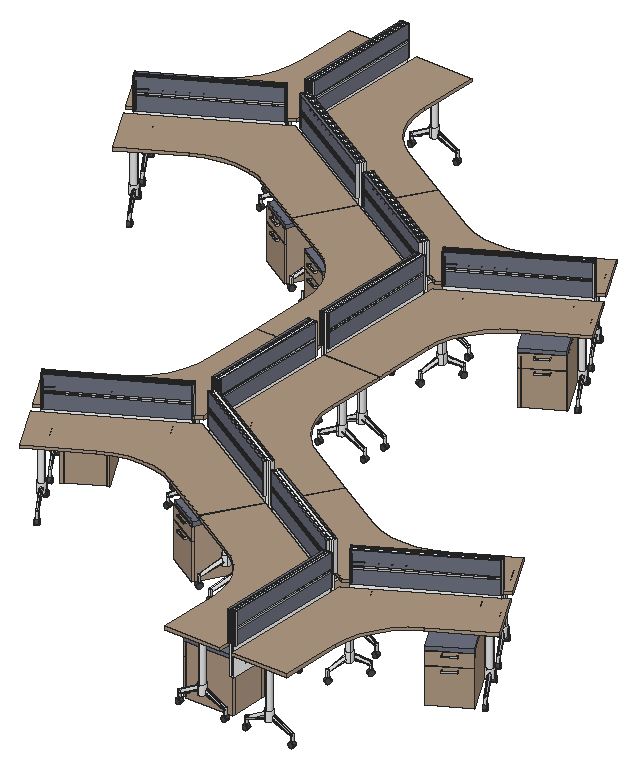
Revit family "T200028", category Furniture, Revit 2013
Parameters (values of type "T200028")
  Width = 312 3/16"
  URL = "http://www.ofsbrands.com/"
  Top Core Material = OFS BRANDS INTERMIX WORK Top Core Wood
  Tool Rail Material = OFS BRANDS INTERMIX WORK Tool Rail Metal
  Tackboard Material = OFS BRANDS INTERMIX WORK Tackboard Fabric
  Roll Material = OFS BRANDS INTERMIX WORK Roll Plastic
  Pull Material = OFS BRANDS INTERMIX WORK Pull Metal
  Model = "T200028"
  Manufacturer = "FIRST OFFICE"
  Lock Material = OFS BRANDS INTERMIX WORK Lock Metal
  Height = 42"
  Glides Material = OFS BRANDS INTERMIX WORK Glide Plastic
  Feet Material = OFS BRANDS INTERMIX WORK Feet Metal
  Drawer Front Material = OFS BRANDS INTERMIX WORK Drawer Front Wood
  Description = "OFS BRANDS FIRST OFFICE INTERMIX WORK TYPICAL T200028"
  Depth = 332 5/16"
  Cushion Material = OFS BRANDS INTERMIX WORK Cushion Fabric
  Copyright © = "© 2018 OFS BRANDS"
  Conector Material = OFS BRANDS INTERMIX WORK Conector Metal
  Conector Clip Material = OFS BRANDS INTERMIX WORK Conector Clip Metal
  Chassis Material = OFS BRANDS INTERMIX WORK Chassis Wood
  Catalog = "http://ofsbrands.com/products/open-plan/intermix-work"
  Grommet  Material = OFS BRANDS INTERMIX WORK Grommet Metal
  Back Coverage Material = OFS BRANDS INTERMIX WORK Back Coverage Plastic
  Authoring Version = "Autodesk Revit Architecture 2013"
  Assembly Code = "E2020200"
Reference planes (in)
  plane 1 "Center (Front/Back)": y = 0
  plane 2: z = 0
  plane 3 "Center (Left/Right)": x = 0
Forms (in)
  Extrusion 1, solid, material "OFS BRANDS INTERMIX WORK Drawer Front Wood" <- "Drawer Front Material"
    sketch origin (-96.06472, 136.42467, -6.96875) x (-0.866025, 0.5, 0) y (0, 0, -1)
      loop
        line (-59.97733, -27.3125) -> (-44.47733, -27.3125) -> (-44.47733, -21.96875) -> (-59.97733, -21.96875) -> (-59.97733, -27.3125)
    from -1.3075 to -0.5575
  Extrusion 2, solid, material "OFS BRANDS INTERMIX WORK Pull Metal" <- "Pull Material"
    sketch origin (-67.68266, 155.24417, -10.06825) x (-0.866025, 0.5, 0) y (-0.5, -0.866025, 0)
      loop
        line (-39.43501, 29.18171) -> (-39.68501, 29.18171) -> (-39.68501, 28.17671) -> (-34.43501, 28.17671) -> (-34.43501, 29.18171) -> (-34.68501, 29.18171) -> (-34.68501, 28.42671) -> (-39.43501, 28.42671) -> (-39.43501, 29.18171)
    from 28.9745 to 29.4745
  Extrusion 3, solid, material "OFS BRANDS INTERMIX WORK Drawer Front Wood" <- "Drawer Front Material"
    sketch origin (-96.06472, 136.42467, -12.4375) x (-0.866025, 0.5, 0) y (0, 0, -1)
      loop
        line (-59.97733, -27.3125) -> (-44.47733, -27.3125) -> (-44.47733, -13.1875) -> (-59.97733, -13.1875) -> (-59.97733, -27.3125)
    from -1.3075 to -0.5575
  Extrusion 4, solid, material "OFS BRANDS INTERMIX WORK Pull Metal" <- "Pull Material"
    sketch origin (-67.68266, 155.24417, -15.537) x (-0.866025, 0.5, 0) y (-0.5, -0.866025, 0)
      loop
        line (-39.43501, 29.18171) -> (-39.68501, 29.18171) -> (-39.68501, 28.17671) -> (-34.43501, 28.17671) -> (-34.43501, 29.18171) -> (-34.68501, 29.18171) -> (-34.68501, 28.42671) -> (-39.43501, 28.42671) -> (-39.43501, 29.18171)
    from 28.9745 to 29.4745
  Extrusion 5, solid, material "OFS BRANDS INTERMIX WORK Chassis Wood" <- "Chassis Material"
    sketch origin (-42.63641, 108.51054, 0) x (0.5, 0.866025, 0) y (0, 0, 1)
      loop
        line (-1.98233, 0.5) -> (-1.98233, 20.4375) -> (-20.73233, 20.4375) -> (-20.73233, 0.5) -> (-1.98233, 0.5)
    from -1.1875 to -0.1875
  Extrusion 6, solid, material "OFS BRANDS INTERMIX WORK Chassis Wood" <- "Chassis Material"
    sketch origin (-72.07946, 101.35336, 0) x (-0.866025, 0.5, 0) y (0, 0, -1)
      loop
        line (-7.10733, -0.5) -> (-20.73233, -0.5) -> (-20.73233, -20.4375) -> (-7.10733, -20.4375) -> (-7.10733, -0.5)
    from -1.1875 to -0.1875
  Extrusion 7, solid, material "OFS BRANDS INTERMIX WORK Chassis Wood" <- "Chassis Material"
    sketch origin (-56.49282, 116.51055, 0) x (0.5, 0.866025, 0) y (0, 0, -1)
      loop
        line (-1.98233, -0.5) -> (-20.73233, -0.5) -> (-20.73233, -20.4375) -> (-1.98233, -20.4375) -> (-1.98233, -0.5)
    from -1.1875 to -0.1875
  Extrusion 8, solid, material "OFS BRANDS INTERMIX WORK Cushion Fabric" <- "Cushion Material"
    sketch origin (-44.7605, 158.62522, 18.4375) x (0.866025, -0.5, 0) y (-0.5, -0.866025, 0)
      loop
        line (26.70937, 43.82086) -> (26.70937, 63.07086) -> (11.08437, 63.07087) -> (11.08437, 43.82087) -> (26.70937, 43.82086)
    from -3.5 to -2
  Extrusion 9, solid, material "OFS BRANDS INTERMIX WORK Roll Plastic" <- "Roll Material"
    sketch origin (-43.94606, 110.49412, 29.4745) x (0.5, 0.866025, 0) y (0, 0, -1)
      loop
        circle (-19.32729, 28.53442) r 0.94008
    from -0.75 to 0.78386
  Extrusion 10, solid, material "OFS BRANDS INTERMIX WORK Roll Plastic" <- "Roll Material"
    sketch origin (-43.94606, 110.49412, 29.4745) x (0.5, 0.866025, 0) y (0, 0, -1)
      loop
        arc (-18.30139, 28.55034) -> (-18.56665, 27.84584) -> (-19.24135, 27.51201) r 1.02602
        line (-19.24135, 27.51201) -> (-19.24135, 27.59827)
        arc (-19.24135, 27.59827) -> (-19.32729, 27.59434) -> (-19.41323, 27.59827) r 0.94008
        line (-19.41323, 27.59827) -> (-19.41323, 27.51201)
        arc (-19.41323, 27.51201) -> (-20.08257, 27.83996) -> (-20.35331, 28.53442) r 1.02602
        line (-20.35331, 28.53442) -> (-20.43925, 28.53442)
        arc (-20.43925, 28.53442) -> (-20.14338, 27.77914) -> (-19.41323, 27.42579) r 1.11196
        line (-19.41323, 27.42579) -> (-19.41323, 27.09434) -> (-19.24135, 27.09434) -> (-19.24135, 27.42579)
        arc (-19.24135, 27.42579) -> (-18.50581, 27.785) -> (-18.21545, 28.55034) r 1.11196
        line (-18.21545, 28.55034) -> (-18.30139, 28.55034)
    from -0.56728 to 0.61508
  Extrusion 11, solid, material "OFS BRANDS INTERMIX WORK Chassis Wood" <- "Chassis Material"
    sketch origin (35.01157, 146.09552, -8.30733) x (-0.866025, 0.5, 0) y (-0.5, -0.866025, 0)
      loop
        line (49.64011, 73.35589) -> (63.26511, 73.35589) -> (63.26511, 91.10589) -> (49.64011, 91.10589) -> (49.64011, 73.35589)
    from 10.6875 to 11.75
  Extrusion 12, solid, material "OFS BRANDS INTERMIX WORK Roll Plastic" <- "Roll Material"
    sketch origin (-54.12017, 116.36815, 29.4745) x (0.5, 0.866025, 0) y (0, 0, 1)
      loop
        circle (-19.32729, -28.53442) r 0.94008
    from -0.75 to 0.78386
  Extrusion 13, solid, material "OFS BRANDS INTERMIX WORK Roll Plastic" <- "Roll Material"
    sketch origin (-54.12017, 116.36815, 29.4745) x (0.5, 0.866025, 0) y (0, 0, 1)
      loop
        line (-18.30139, -28.55034) -> (-18.21545, -28.55034)
        arc (-18.21545, -28.55034) -> (-18.50581, -27.785) -> (-19.24135, -27.42579) r 1.11196
        line (-19.24135, -27.42579) -> (-19.24135, -27.09434) -> (-19.41323, -27.09434) -> (-19.41323, -27.42579)
        arc (-19.41323, -27.42579) -> (-20.14338, -27.77914) -> (-20.43925, -28.53442) r 1.11196
        line (-20.43925, -28.53442) -> (-20.35331, -28.53442)
        arc (-20.35331, -28.53442) -> (-20.08257, -27.83996) -> (-19.41323, -27.51201) r 1.02602
        line (-19.41323, -27.51201) -> (-19.41323, -27.59827)
        arc (-19.41323, -27.59827) -> (-19.32729, -27.59434) -> (-19.24135, -27.59827) r 0.94008
        line (-19.24135, -27.59827) -> (-19.24135, -27.51201)
        arc (-19.24135, -27.51201) -> (-18.56665, -27.84584) -> (-18.30139, -28.55034) r 1.02602
    from -0.56728 to 0.61508
  Extrusion 14, solid, material "OFS BRANDS INTERMIX WORK Roll Plastic" <- "Roll Material"
    sketch origin (-56.02062, 89.58038, 29.4745) x (-0.5, -0.866025, 0) y (0, 0, 1)
      loop
        circle (-19.32729, -28.53442) r 0.94008
    from -0.75 to 0.78386
  Extrusion 15, solid, material "OFS BRANDS INTERMIX WORK Roll Plastic" <- "Roll Material"
    sketch origin (-56.02062, 89.58038, 29.4745) x (-0.5, -0.866025, 0) y (0, 0, 1)
      loop
        line (-18.30139, -28.55034) -> (-18.21545, -28.55034)
        arc (-18.21545, -28.55034) -> (-18.50581, -27.785) -> (-19.24135, -27.42579) r 1.11196
        line (-19.24135, -27.42579) -> (-19.24135, -27.09434) -> (-19.41323, -27.09434) -> (-19.41323, -27.42579)
        arc (-19.41323, -27.42579) -> (-20.14338, -27.77914) -> (-20.43925, -28.53442) r 1.11196
        line (-20.43925, -28.53442) -> (-20.35331, -28.53442)
        arc (-20.35331, -28.53442) -> (-20.08257, -27.83996) -> (-19.41323, -27.51201) r 1.02602
        line (-19.41323, -27.51201) -> (-19.41323, -27.59827)
        arc (-19.41323, -27.59827) -> (-19.32729, -27.59434) -> (-19.24135, -27.59827) r 0.94008
        line (-19.24135, -27.59827) -> (-19.24135, -27.51201)
        arc (-19.24135, -27.51201) -> (-18.56665, -27.84584) -> (-18.30139, -28.55034) r 1.02602
    from -0.56728 to 0.61508
  Extrusion 16, solid, material "OFS BRANDS INTERMIX WORK Roll Plastic" <- "Roll Material"
    sketch origin (-66.19473, 95.45441, 29.4745) x (-0.5, -0.866025, 0) y (0, 0, -1)
      loop
        circle (-19.32729, 28.53442) r 0.94008
    from -0.75 to 0.78386
  Extrusion 17, solid, material "OFS BRANDS INTERMIX WORK Roll Plastic" <- "Roll Material"
    sketch origin (-66.19473, 95.45441, 29.4745) x (-0.5, -0.866025, 0) y (0, 0, -1)
      loop
        arc (-18.30139, 28.55034) -> (-18.56665, 27.84584) -> (-19.24135, 27.51201) r 1.02602
        line (-19.24135, 27.51201) -> (-19.24135, 27.59827)
        arc (-19.24135, 27.59827) -> (-19.32729, 27.59434) -> (-19.41323, 27.59827) r 0.94008
        line (-19.41323, 27.59827) -> (-19.41323, 27.51201)
        arc (-19.41323, 27.51201) -> (-20.08257, 27.83996) -> (-20.35331, 28.53442) r 1.02602
        line (-20.35331, 28.53442) -> (-20.43925, 28.53442)
        arc (-20.43925, 28.53442) -> (-20.14338, 27.77914) -> (-19.41323, 27.42579) r 1.11196
        line (-19.41323, 27.42579) -> (-19.41323, 27.09434) -> (-19.24135, 27.09434) -> (-19.24135, 27.42579)
        arc (-19.24135, 27.42579) -> (-18.50581, 27.785) -> (-18.21545, 28.55034) r 1.11196
        line (-18.21545, 28.55034) -> (-18.30139, 28.55034)
    from -0.56728 to 0.61508
  Extrusion 18, solid, material "OFS BRANDS INTERMIX WORK Roll Plastic" <- "Roll Material"
    sketch origin (-92.71721, 161.1858, 29.4745) x (-1, 0, 0) y (0, 0, -1)
      loop
        circle (-19.32729, 28.53442) r 0.94008
    from -0.75 to 0.78386
  Extrusion 19, solid, material "OFS BRANDS INTERMIX WORK Roll Plastic" <- "Roll Material"
    sketch origin (-92.71721, 161.1858, 29.4745) x (-1, 0, 0) y (0, 0, -1)
      loop
        arc (-18.30139, 28.55034) -> (-18.56665, 27.84584) -> (-19.24135, 27.51201) r 1.02602
        line (-19.24135, 27.51201) -> (-19.24135, 27.59827)
        arc (-19.24135, 27.59827) -> (-19.32729, 27.59434) -> (-19.41323, 27.59827) r 0.94008
        line (-19.41323, 27.59827) -> (-19.41323, 27.51201)
        arc (-19.41323, 27.51201) -> (-20.08257, 27.83996) -> (-20.35331, 28.53442) r 1.02602
        line (-20.35331, 28.53442) -> (-20.43925, 28.53442)
        arc (-20.43925, 28.53442) -> (-20.14338, 27.77914) -> (-19.41323, 27.42579) r 1.11196
        line (-19.41323, 27.42579) -> (-19.41323, 27.09434) -> (-19.24135, 27.09434) -> (-19.24135, 27.42579)
        arc (-19.24135, 27.42579) -> (-18.50581, 27.785) -> (-18.21545, 28.55034) r 1.11196
        line (-18.21545, 28.55034) -> (-18.30139, 28.55034)
    from -0.56728 to 0.61508
  Extrusion 20, solid, material "OFS BRANDS INTERMIX WORK Feet Metal" <- "Feet Material"
    sketch origin (-95.9349, 109.58474, 0) x (0, -1, 0) y (1, 0, 0)
      loop
        line (-54.57973, 9.4) -> (-48.57973, 9.4) -> (-48.57973, 17.4) -> (-54.57973, 17.4) -> (-54.57973, 9.4)
    from 27.6875 to 27.87542
  Extrusion 21, solid, material "OFS BRANDS INTERMIX WORK Feet Metal" <- "Feet Material"
    sketch origin (-95.9349, 109.58474, 0) x (0, -1, 0) y (1, 0, 0)
      loop
        circle (-51.57876, 13.39995) r 1.14391
    from 10.29161 to 27.6875
  Extrusion 22, solid, material "OFS BRANDS INTERMIX WORK Feet Metal" <- "Feet Material"
    sketch origin (-95.9349, 109.58474, 0) x (0, -1, 0) y (1, 0, 0)
      loop
        circle (-51.57876, 13.40165) r 1.51553
    from 6.70403 to 10.29161
  Extrusion 23, solid, material "OFS BRANDS INTERMIX WORK Feet Metal" <- "Feet Material"
    sketch origin (-95.9349, 109.58474, 0) x (0, -1, 0) y (1, 0, 0)
      loop
        circle (-51.57715, 22.59884) r 0.43
    from 2.38016 to 4.82597
  SweptBlend 24, solid, material "OFS BRANDS INTERMIX WORK Feet Metal" <- "Feet Material"
    path origin (-95.9349, 109.58474, 0) x (-1, 0, 0) y (0, 0, -1)
      loop
        line (-13.40165, -7.14826) -> (-22.60845, -3.84119)
    profile origin (-82.53325, 109.58475, 7.14826) x (0.338052, 0, 0.941127) y (0, -1, 0)
      loop
        arc (2.62281, -51.51844) -> (2.58268, -51.39722) -> (2.47816, -51.32389) r 0.20315
        line (2.47816, -51.32389) -> (1.22742, -50.94783)
        arc (1.22742, -50.94783) -> (0.97866, -50.92516) -> (0.7409, -51.00171) r 0.625
        line (0.7409, -51.00171) -> (0.41893, -51.18293)
        arc (0.41893, -51.18293) -> (0.37961, -51.2216) -> (0.36519, -51.27484) r 0.10547
        line (0.36519, -51.27484) -> (0.36519, -51.8808)
        arc (0.36519, -51.8808) -> (0.37972, -51.93444) -> (0.41933, -51.97341) r 0.10627
        line (0.41933, -51.97341) -> (0.74123, -52.15459)
        arc (0.74123, -52.15459) -> (0.97865, -52.23103) -> (1.22705, -52.20839) r 0.6241
        line (1.22705, -52.20839) -> (2.47817, -51.8322)
        arc (2.47817, -51.8322) -> (2.58269, -51.75888) -> (2.62281, -51.63768) r 0.20313
        line (2.62281, -51.63768) -> (2.62281, -51.51844)
    end profile origin (-73.32645, 109.58475, 3.84119) x (0.338052, 0, 0.941127) y (0, -1, 0)
      loop
        arc (0.00296, -51.97173) -> (0.47961, -51.92362) -> (0.93193, -51.76575) r 2.04165
        arc (0.93193, -51.76575) -> (1.04882, -51.57876) -> (0.93193, -51.39177) r 0.20801
        arc (0.93193, -51.39177) -> (0.47961, -51.2339) -> (0.00296, -51.18579) r 2.04165
        arc (0.00296, -51.18579) -> (-0.12974, -51.57876) -> (0.00296, -51.97173) r 0.64824
  Extrusion 25, solid, material "OFS BRANDS INTERMIX WORK Roll Plastic" <- "Roll Material"
    sketch origin (-72.35261, 161.1858, 29.4745) x (1, 0, 0) y (0, 0, 1)
      loop
        circle (-19.32729, -28.53442) r 0.94008
    from -0.75 to 0.78386
  Extrusion 26, solid, material "OFS BRANDS INTERMIX WORK Roll Plastic" <- "Roll Material"
    sketch origin (-72.35261, 161.1858, 29.4745) x (1, 0, 0) y (0, 0, 1)
      loop
        line (-18.30139, -28.55034) -> (-18.21545, -28.55034)
        arc (-18.21545, -28.55034) -> (-18.50581, -27.785) -> (-19.24135, -27.42579) r 1.11196
        line (-19.24135, -27.42579) -> (-19.24135, -27.09434) -> (-19.41323, -27.09434) -> (-19.41323, -27.42579)
        arc (-19.41323, -27.42579) -> (-20.14338, -27.77914) -> (-20.43925, -28.53442) r 1.11196
        line (-20.43925, -28.53442) -> (-20.35331, -28.53442)
        arc (-20.35331, -28.53442) -> (-20.08257, -27.83996) -> (-19.41323, -27.51201) r 1.02602
        line (-19.41323, -27.51201) -> (-19.41323, -27.59827)
        arc (-19.41323, -27.59827) -> (-19.32729, -27.59434) -> (-19.24135, -27.59827) r 0.94008
        line (-19.24135, -27.59827) -> (-19.24135, -27.51201)
        arc (-19.24135, -27.51201) -> (-18.56665, -27.84584) -> (-18.30139, -28.55034) r 1.02602
    from -0.56728 to 0.61508
  Extrusion 27, solid, material "OFS BRANDS INTERMIX WORK Feet Metal" <- "Feet Material"
    sketch origin (-69.1349, 109.58475, 0) x (0, -1, 0) y (1, 0, 0)
      loop
        circle (-51.57715, -22.59884) r 0.43
    from 2.38016 to 4.82597
  SweptBlend 28, solid, material "OFS BRANDS INTERMIX WORK Feet Metal" <- "Feet Material"
    path origin (-69.1349, 109.58475, 0) x (1, 0, 0) y (0, 0, 1)
      loop
        line (-13.40165, 7.14826) -> (-22.60845, 3.84119)
    profile origin (-82.53655, 109.58475, 7.14826) x (0.338052, 0, -0.941127) y (0, -1, 0)
      loop
        line (-2.62281, -51.51844) -> (-2.62281, -51.63768)
        arc (-2.62281, -51.63768) -> (-2.58269, -51.75888) -> (-2.47817, -51.8322) r 0.20313
        line (-2.47817, -51.8322) -> (-1.22705, -52.20839)
        arc (-1.22705, -52.20839) -> (-0.97865, -52.23103) -> (-0.74123, -52.15459) r 0.6241
        line (-0.74123, -52.15459) -> (-0.41933, -51.97341)
        arc (-0.41933, -51.97341) -> (-0.37972, -51.93444) -> (-0.36519, -51.8808) r 0.10627
        line (-0.36519, -51.8808) -> (-0.36519, -51.27484)
        arc (-0.36519, -51.27484) -> (-0.37961, -51.2216) -> (-0.41893, -51.18293) r 0.10547
        line (-0.41893, -51.18293) -> (-0.7409, -51.00171)
        arc (-0.7409, -51.00171) -> (-0.97866, -50.92516) -> (-1.22742, -50.94783) r 0.625
        line (-1.22742, -50.94783) -> (-2.47816, -51.32389)
        arc (-2.47816, -51.32389) -> (-2.58268, -51.39722) -> (-2.62281, -51.51844) r 0.20315
    end profile origin (-91.74335, 109.58475, 3.84119) x (0.338052, 0, -0.941127) y (0, -1, 0)
      loop
        arc (-0.00296, -51.97173) -> (0.12974, -51.57876) -> (-0.00296, -51.18579) r 0.64824
        arc (-0.00296, -51.18579) -> (-0.47961, -51.2339) -> (-0.93193, -51.39177) r 2.04165
        arc (-0.93193, -51.39177) -> (-1.04882, -51.57876) -> (-0.93193, -51.76575) r 0.20801
        arc (-0.93193, -51.76575) -> (-0.47961, -51.92362) -> (-0.00296, -51.97173) r 2.04165
  Extrusion 29, solid, material "OFS BRANDS INTERMIX WORK Top Core Wood" <- "Top Core Material"
    sketch origin (29.57403, 90.50173, 0) x (0.5, 0.866025, 0) y (-0.866025, 0.5, 0)
      loop
        line (3.97134, 144.44683) -> (-42.79403, 117.44683) -> (-42.79403, 63.44684) -> (-20.79403, 63.44684) -> (-20.79403, 87.42463)
        arc (-20.79403, 87.42463) -> (-16.7855, 102.41798) -> (-5.81327, 113.39428) r 29.96155
        line (-5.81327, 113.39428) -> (14.97134, 125.39429) -> (3.97134, 144.44683)
    from 27.87542 to 29.00005
  Extrusion 30, solid, material "OFS BRANDS INTERMIX WORK Feet Metal" <- "Feet Material"
    sketch origin (-124.5761, 78.76989, 0) x (-0.866026, -0.5, 0) y (0.5, -0.866026, 0)
      loop
        line (-54.57973, -9.4) -> (-54.57973, -17.4) -> (-48.57973, -17.4) -> (-48.57973, -9.4) -> (-54.57973, -9.4)
    from 27.6875 to 27.87542
  Extrusion 31, solid, material "OFS BRANDS INTERMIX WORK Feet Metal" <- "Feet Material"
    sketch origin (-124.5761, 78.76989, 0) x (-0.866026, -0.5, 0) y (0.5, -0.866026, 0)
      loop
        circle (-51.57876, -13.39995) r 1.14391
    from 10.29161 to 27.6875
  Extrusion 32, solid, material "OFS BRANDS INTERMIX WORK Feet Metal" <- "Feet Material"
    sketch origin (-124.5761, 78.76989, 0) x (-0.866026, -0.5, 0) y (0.5, -0.866026, 0)
      loop
        circle (-51.57876, -13.40165) r 1.51553
    from 6.70403 to 10.29161
  Extrusion 33, solid, material "OFS BRANDS INTERMIX WORK Roll Plastic" <- "Roll Material"
    sketch origin (-92.64907, 126.67279, 29.4745) x (-0.5, 0.866026, 0) y (0, 0, -1)
      loop
        circle (-19.32729, 28.53442) r 0.94008
    from -0.75 to 0.78386
  Extrusion 34, solid, material "OFS BRANDS INTERMIX WORK Roll Plastic" <- "Roll Material"
    sketch origin (-92.64907, 126.67279, 29.4745) x (-0.5, 0.866026, 0) y (0, 0, -1)
      loop
        arc (-18.30139, 28.55034) -> (-18.56665, 27.84584) -> (-19.24135, 27.51201) r 1.02602
        line (-19.24135, 27.51201) -> (-19.24135, 27.59827)
        arc (-19.24135, 27.59827) -> (-19.32729, 27.59434) -> (-19.41323, 27.59827) r 0.94008
        line (-19.41323, 27.59827) -> (-19.41323, 27.51201)
        arc (-19.41323, 27.51201) -> (-20.08257, 27.83996) -> (-20.35331, 28.53442) r 1.02602
        line (-20.35331, 28.53442) -> (-20.43925, 28.53442)
        arc (-20.43925, 28.53442) -> (-20.14338, 27.77914) -> (-19.41323, 27.42579) r 1.11196
        line (-19.41323, 27.42579) -> (-19.41323, 27.09434) -> (-19.24135, 27.09434) -> (-19.24135, 27.42579)
        arc (-19.24135, 27.42579) -> (-18.50581, 27.785) -> (-18.21545, 28.55034) r 1.11196
        line (-18.21545, 28.55034) -> (-18.30139, 28.55034)
    from -0.56728 to 0.61508
  Extrusion 35, solid, material "OFS BRANDS INTERMIX WORK Feet Metal" <- "Feet Material"
    sketch origin (-138.94576, 103.6589, 0) x (-0.866026, -0.5, 0) y (0.5, -0.866026, 0)
      loop
        circle (-51.57715, 22.59884) r 0.43
    from 2.38016 to 4.9582
  SweptBlend 36, solid, material "OFS BRANDS INTERMIX WORK Feet Metal" <- "Feet Material"
    path origin (-137.97609, 101.97938, 0) x (-0.5, 0.866026, 0) y (0, 0, -1)
      loop
        line (-13.15165, -7.14826) -> (-20.5899, -3.99092)
    profile origin (-131.40027, 90.58971, 7.14826) x (0.195365, -0.338383, 0.920505) y (-0.866026, -0.5, 0)
      loop
        arc (2.62281, -51.51844) -> (2.58268, -51.39722) -> (2.47816, -51.32389) r 0.20315
        line (2.47816, -51.32389) -> (1.22742, -50.94783)
        arc (1.22742, -50.94783) -> (0.97866, -50.92516) -> (0.7409, -51.00171) r 0.625
        line (0.7409, -51.00171) -> (0.41893, -51.18293)
        arc (0.41893, -51.18293) -> (0.37961, -51.2216) -> (0.36519, -51.27484) r 0.10547
        line (0.36519, -51.27484) -> (0.36519, -51.8808)
        arc (0.36519, -51.8808) -> (0.37972, -51.93444) -> (0.41933, -51.97341) r 0.10627
        line (0.41933, -51.97341) -> (0.74123, -52.15459)
        arc (0.74123, -52.15459) -> (0.97865, -52.23103) -> (1.22705, -52.20839) r 0.6241
        line (1.22705, -52.20839) -> (2.47817, -51.8322)
        arc (2.47817, -51.8322) -> (2.58269, -51.75888) -> (2.62281, -51.63768) r 0.20313
        line (2.62281, -51.63768) -> (2.62281, -51.51844)
    end profile origin (-127.68115, 84.148, 3.99092) x (0.195365, -0.338383, 0.920505) y (-0.866026, -0.5, 0)
      loop
        arc (0.00296, -51.97173) -> (0.47961, -51.92362) -> (0.93193, -51.76575) r 2.04165
        arc (0.93193, -51.76575) -> (1.04882, -51.57876) -> (0.93193, -51.39177) r 0.20801
        arc (0.93193, -51.39177) -> (0.47961, -51.2339) -> (0.00296, -51.18579) r 2.04165
        arc (0.00296, -51.18579) -> (-0.12974, -51.57876) -> (0.00296, -51.97173) r 0.64824
  Extrusion 37, solid, material "OFS BRANDS INTERMIX WORK Roll Plastic" <- "Roll Material"
    sketch origin (-80.52744, 105.67749, 29.4745) x (0.5, -0.866026, 0) y (0, 0, 1)
      loop
        circle (-19.32729, -28.53442) r 0.94008
    from -0.75 to 0.78386
  Extrusion 38, solid, material "OFS BRANDS INTERMIX WORK Roll Plastic" <- "Roll Material"
    sketch origin (-80.52744, 105.67749, 29.4745) x (0.5, -0.866026, 0) y (0, 0, 1)
      loop
        line (-18.30139, -28.55034) -> (-18.21545, -28.55034)
        arc (-18.21545, -28.55034) -> (-18.50581, -27.785) -> (-19.24135, -27.42579) r 1.11196
        line (-19.24135, -27.42579) -> (-19.24135, -27.09434) -> (-19.41323, -27.09434) -> (-19.41323, -27.42579)
        arc (-19.41323, -27.42579) -> (-20.14338, -27.77914) -> (-20.43925, -28.53442) r 1.11196
        line (-20.43925, -28.53442) -> (-20.35331, -28.53442)
        arc (-20.35331, -28.53442) -> (-20.08257, -27.83996) -> (-19.41323, -27.51201) r 1.02602
        line (-19.41323, -27.51201) -> (-19.41323, -27.59827)
        arc (-19.41323, -27.59827) -> (-19.32729, -27.59434) -> (-19.24135, -27.59827) r 0.94008
        line (-19.24135, -27.59827) -> (-19.24135, -27.51201)
        arc (-19.24135, -27.51201) -> (-18.56665, -27.84584) -> (-18.30139, -28.55034) r 1.02602
    from -0.56728 to 0.61508
  Extrusion 39, solid, material "OFS BRANDS INTERMIX WORK Feet Metal" <- "Feet Material"
    sketch origin (-123.60643, 77.09037, 0) x (-0.866026, -0.5, 0) y (0.5, -0.866026, 0)
      loop
        circle (-51.57715, -22.59884) r 0.43
    from 2.38016 to 4.9582
  SweptBlend 40, solid, material "OFS BRANDS INTERMIX WORK Feet Metal" <- "Feet Material"
    path origin (-124.5761, 78.76989, 0) x (0.5, -0.866026, 0) y (0, 0, 1)
      loop
        line (-13.15165, 7.14826) -> (-20.5899, 3.99092)
    profile origin (-131.15192, 90.15956, 7.14826) x (0.195365, -0.338383, -0.920505) y (-0.866026, -0.5, 0)
      loop
        line (-2.62281, -51.51844) -> (-2.62281, -51.63768)
        arc (-2.62281, -51.63768) -> (-2.58269, -51.75888) -> (-2.47817, -51.8322) r 0.20313
        line (-2.47817, -51.8322) -> (-1.22705, -52.20839)
        arc (-1.22705, -52.20839) -> (-0.97865, -52.23103) -> (-0.74123, -52.15459) r 0.6241
        line (-0.74123, -52.15459) -> (-0.41933, -51.97341)
        arc (-0.41933, -51.97341) -> (-0.37972, -51.93444) -> (-0.36519, -51.8808) r 0.10627
        line (-0.36519, -51.8808) -> (-0.36519, -51.27484)
        arc (-0.36519, -51.27484) -> (-0.37961, -51.2216) -> (-0.41893, -51.18293) r 0.10547
        line (-0.41893, -51.18293) -> (-0.7409, -51.00171)
        arc (-0.7409, -51.00171) -> (-0.97866, -50.92516) -> (-1.22742, -50.94783) r 0.625
        line (-1.22742, -50.94783) -> (-2.47816, -51.32389)
        arc (-2.47816, -51.32389) -> (-2.58268, -51.39722) -> (-2.62281, -51.51844) r 0.20315
    end profile origin (-134.87104, 96.60127, 3.99092) x (0.195365, -0.338383, -0.920505) y (-0.866026, -0.5, 0)
      loop
        arc (-0.00296, -51.97173) -> (0.12974, -51.57876) -> (-0.00296, -51.18579) r 0.64824
        arc (-0.00296, -51.18579) -> (-0.47961, -51.2339) -> (-0.93193, -51.39177) r 2.04165
        arc (-0.93193, -51.39177) -> (-1.04882, -51.57876) -> (-0.93193, -51.76575) r 0.20801
        arc (-0.93193, -51.76575) -> (-0.47961, -51.92362) -> (-0.00296, -51.97173) r 2.04165
  Extrusion 41, solid, material "OFS BRANDS INTERMIX WORK Back Coverage Plastic" <- "Back Coverage Material"
    sketch origin (-96.00892, 136.15734, 29.4745) x (-0.000008, -1, 0) y (0, 0, 1)
      loop
        line (20.99537, -11.2245) -> (20.99537, 12.5255) -> (-27.00463, 12.5255) -> (-27.00463, -11.2245) -> (20.99537, -11.2245)
    from -0.9375 to -0.1875
  Extrusion 42, solid, material "OFS BRANDS INTERMIX WORK Tackboard Fabric" <- "Tackboard Material"
    sketch origin (-94.97567, 136.15733, 29.4745) x (-0.000008, -1, 0) y (0, 0, 1)
      loop
        line (21.02662, 6.99425) -> (21.02662, 12.5255) -> (-27.03588, 12.5255) -> (-27.03588, 6.99425) -> (21.02662, 6.99425)
    from -0.66085 to 0.03085
  Extrusion 43, solid, material "OFS BRANDS INTERMIX WORK Tackboard Fabric" <- "Tackboard Material"
    sketch origin (-94.97567, 136.15733, 22.69325) x (-0.000008, -1, 0) y (0, 0, 1)
      loop
        line (20.68752, 6.99425) -> (20.68752, 12.5255) -> (-27.03588, 12.5255) -> (-27.03588, 6.99425) -> (20.68752, 6.99425)
    from -0.66085 to 0.03085
  Extrusion 44, solid, material "OFS BRANDS INTERMIX WORK Conector Metal" <- "Conector Material"
    sketch origin (-96.54025, 111.11999, 0) x (0.000008, 1, 0) y (-1, 0.000008, 0)
      loop
        line (51.73413, -2.29012) -> (52.10913, -2.29011) -> (52.10913, -1.46862) -> (51.35913, -1.46862) -> (51.35913, -1.50452) -> (52.07323, -1.50452) -> (52.07323, -2.25422) -> (51.73413, -2.25422) -> (51.73413, -2.29012)
    from 29.74775 to 41.93975
  Extrusion 45, solid, material "OFS BRANDS INTERMIX WORK Tool Rail Metal" <- "Tool Rail Material"
    sketch origin (-96.54025, 111.11999, 0) x (-1, 0.000008, 0) y (0, 0, 1)
      loop
        line (-1.53351, 35.21875) -> (-1.53351, 34.46875) -> (-1.46862, 34.46875) -> (-1.46862, 35.29875) -> (-2.15611, 35.29875) -> (-2.15612, 35.70367) -> (-2.04082, 35.70367) -> (-1.85742, 35.59348) -> (-1.70638, 35.84486) -> (-1.85625, 36.09427) -> (-2.04176, 35.9828) -> (-2.15612, 35.9828) -> (-2.15612, 36.38875) -> (-1.46862, 36.38875) -> (-1.46862, 37.21875) -> (-1.53351, 37.21875) -> (-1.53351, 36.46875) -> (-2.23612, 36.46875) -> (-2.23612, 35.9028) -> (-2.01958, 35.9028) -> (-1.88459, 35.98391) -> (-1.80037, 35.84375) -> (-1.88459, 35.70359) -> (-2.01958, 35.78469) -> (-2.23612, 35.78469) -> (-2.23612, 35.21875) -> (-1.53351, 35.21875)
    from 4.01073 to 52.07323
  Extrusion 46, solid, material "OFS BRANDS INTERMIX WORK Conector Metal" <- "Conector Material"
    sketch origin (-96.53978, 167.20395, 0) x (-0.000008, -1, 0) y (1, -0.000008, 0)
      loop
        line (51.73413, 2.29012) -> (51.73413, 2.25422) -> (52.07323, 2.25422) -> (52.07323, 1.50452) -> (51.35913, 1.50452) -> (51.35913, 1.46862) -> (52.10913, 1.46862) -> (52.10913, 2.29011) -> (51.73413, 2.29012)
    from 29.74775 to 41.93975
  Extrusion 47, solid, material "OFS BRANDS INTERMIX WORK Conector Clip Metal" <- "Conector Clip Material"
    sketch origin (-96.0087, 163.16197, 57.662) x (0, 0, -1) y (-1, 0.000008, 0)
      loop
        line (29.787, -2.37745) -> (29.787, -10.34879) -> (29.9745, -10.34879) -> (29.9745, -2.46068) -> (31.27888, -1.1563) -> (36.66201, -1.1563) -> (36.66201, -0.9375) -> (31.22695, -0.9375) -> (29.787, -2.37745)
    from -7.1875 to -5.8125
  Extrusion 48, solid, material "OFS BRANDS INTERMIX WORK Conector Clip Metal" <- "Conector Clip Material"
    sketch origin (-96.0087, 163.16197, 57.662) x (0, 0, -1) y (-1, 0.000008, 0)
      loop
        line (35.87689, -1.1563) -> (30.037, -10.49716) -> (30.037, -11.86776) -> (36.66201, -1.1563) -> (35.87689, -1.1563)
    from -6.59375 to -6.40625
  Extrusion 49, solid, material "OFS BRANDS INTERMIX WORK Conector Clip Metal" <- "Conector Clip Material"
    sketch origin (-96.00899, 128.16197, 57.662) x (0, 0, -1) y (-1, 0.000008, 0)
      loop
        line (29.787, -2.37745) -> (29.787, -10.34879) -> (29.9745, -10.34879) -> (29.9745, -2.46068) -> (31.27888, -1.1563) -> (36.66201, -1.1563) -> (36.66201, -0.9375) -> (31.22695, -0.9375) -> (29.787, -2.37745)
    from -7.1875 to -5.8125
  Extrusion 50, solid, material "OFS BRANDS INTERMIX WORK Conector Clip Metal" <- "Conector Clip Material"
    sketch origin (-96.00899, 128.16197, 57.662) x (0, 0, -1) y (-1, 0.000008, 0)
      loop
        line (35.87689, -1.1563) -> (30.037, -10.49716) -> (30.037, -11.86776) -> (36.66201, -1.1563) -> (35.87689, -1.1563)
    from -6.59375 to -6.40625
  Extrusion 51, solid, material "OFS BRANDS INTERMIX WORK Back Coverage Plastic" <- "Back Coverage Material"
    sketch origin (-73.9935, 98.02549, 29.4745) x (-0.866029, 0.499993, 0) y (0, 0, -1)
      loop
        line (20.99537, 11.2245) -> (-27.00463, 11.2245) -> (-27.00463, -12.5255) -> (20.99537, -12.5255) -> (20.99537, 11.2245)
    from -0.9375 to -0.1875
  Extrusion 52, solid, material "OFS BRANDS INTERMIX WORK Tackboard Fabric" <- "Tackboard Material"
    sketch origin (-73.47688, 98.92031, 29.4745) x (-0.866029, 0.499993, 0) y (0, 0, -1)
      loop
        line (21.02662, -6.99425) -> (-27.03588, -6.99425) -> (-27.03588, -12.5255) -> (21.02662, -12.5255) -> (21.02662, -6.99425)
    from -0.66085 to 0.03085
  Extrusion 53, solid, material "OFS BRANDS INTERMIX WORK Tackboard Fabric" <- "Tackboard Material"
    sketch origin (-73.47688, 98.92031, 22.69325) x (-0.866029, 0.499993, 0) y (0, 0, -1)
      loop
        line (20.68752, -6.99425) -> (-27.03588, -6.99425) -> (-27.03588, -12.5255) -> (20.68752, -12.5255) -> (20.68752, -6.99425)
    from -0.66085 to 0.03085
  Extrusion 54, solid, material "OFS BRANDS INTERMIX WORK Conector Metal" <- "Conector Material"
    sketch origin (-95.94213, 110.08403, 0) x (0.866029, -0.499993, 0) y (0.499993, 0.866029, 0)
      loop
        line (51.73413, 2.29012) -> (51.73413, 2.25422) -> (52.07323, 2.25422) -> (52.07323, 1.50452) -> (51.35913, 1.50452) -> (51.35913, 1.46862) -> (52.10913, 1.46862) -> (52.10913, 2.29011) -> (51.73413, 2.29012)
    from 29.74775 to 41.93975
  Extrusion 55, solid, material "OFS BRANDS INTERMIX WORK Tool Rail Metal" <- "Tool Rail Material"
    sketch origin (-95.94213, 110.08403, 0) x (-0.499993, -0.866029, 0) y (0, 0, -1)
      loop
        line (-1.53351, -35.21875) -> (-2.23612, -35.21875) -> (-2.23612, -35.78469) -> (-2.01958, -35.78469) -> (-1.88459, -35.70359) -> (-1.80037, -35.84375) -> (-1.88459, -35.98391) -> (-2.01958, -35.9028) -> (-2.23612, -35.9028) -> (-2.23612, -36.46875) -> (-1.53351, -36.46875) -> (-1.53351, -37.21875) -> (-1.46862, -37.21875) -> (-1.46862, -36.38875) -> (-2.15612, -36.38875) -> (-2.15612, -35.9828) -> (-2.04176, -35.9828) -> (-1.85625, -36.09427) -> (-1.70638, -35.84486) -> (-1.85742, -35.59348) -> (-2.04082, -35.70367) -> (-2.15612, -35.70367) -> (-2.15611, -35.29875) -> (-1.46862, -35.29875) -> (-1.46862, -34.46875) -> (-1.53351, -34.46875) -> (-1.53351, -35.21875)
    from 4.01073 to 52.07323
  Extrusion 56, solid, material "OFS BRANDS INTERMIX WORK Conector Metal" <- "Conector Material"
    sketch origin (-47.37178, 82.04244, 0) x (-0.866029, 0.499993, 0) y (-0.499993, -0.866029, 0)
      loop
        line (51.73413, -2.29012) -> (52.10913, -2.29011) -> (52.10913, -1.46862) -> (51.35913, -1.46862) -> (51.35913, -1.50452) -> (52.07323, -1.50452) -> (52.07323, -2.25422) -> (51.73413, -2.25422) -> (51.73413, -2.29012)
    from 29.74775 to 41.93975
  Extrusion 57, solid, material "OFS BRANDS INTERMIX WORK Conector Clip Metal" <- "Conector Clip Material"
    sketch origin (-50.6067, 84.52336, 57.662) x (0, 0, -1) y (0.499993, 0.866029, 0)
      loop
        line (29.787, 2.37745) -> (31.22695, 0.9375) -> (36.66201, 0.9375) -> (36.66201, 1.1563) -> (31.27888, 1.1563) -> (29.9745, 2.46068) -> (29.9745, 10.34879) -> (29.787, 10.34879) -> (29.787, 2.37745)
    from -7.1875 to -5.8125
  Extrusion 58, solid, material "OFS BRANDS INTERMIX WORK Conector Clip Metal" <- "Conector Clip Material"
    sketch origin (-50.6067, 84.52336, 57.662) x (0, 0, -1) y (0.499993, 0.866029, 0)
      loop
        line (35.87689, 1.1563) -> (36.66201, 1.1563) -> (30.037, 11.86776) -> (30.037, 10.49716) -> (35.87689, 1.1563)
    from -6.59375 to -6.40625
  Extrusion 59, solid, material "OFS BRANDS INTERMIX WORK Conector Clip Metal" <- "Conector Clip Material"
    sketch origin (-80.91773, 102.02312, 57.662) x (0, 0, -1) y (0.499993, 0.866029, 0)
      loop
        line (29.787, 2.37745) -> (31.22695, 0.9375) -> (36.66201, 0.9375) -> (36.66201, 1.1563) -> (31.27888, 1.1563) -> (29.9745, 2.46068) -> (29.9745, 10.34879) -> (29.787, 10.34879) -> (29.787, 2.37745)
    from -7.1875 to -5.8125
  Extrusion 60, solid, material "OFS BRANDS INTERMIX WORK Conector Clip Metal" <- "Conector Clip Material"
    sketch origin (-80.91773, 102.02312, 57.662) x (0, 0, -1) y (0.499993, 0.866029, 0)
      loop
        line (35.87689, 1.1563) -> (36.66201, 1.1563) -> (30.037, 11.86776) -> (30.037, 10.49716) -> (35.87689, 1.1563)
    from -6.59375 to -6.40625
  Extrusion 61, solid, material "OFS BRANDS INTERMIX WORK Roll Plastic" <- "Roll Material"
    sketch origin (-50.67236, 88.36196, 29.4745) x (-0.5, -0.866025, 0) y (0, 0, 1)
      loop
        circle (-19.32729, -28.53442) r 0.94008
    from -0.75 to 0.78386
  Extrusion 62, solid, material "OFS BRANDS INTERMIX WORK Roll Plastic" <- "Roll Material"
    sketch origin (-50.67236, 88.36196, 29.4745) x (-0.5, -0.866025, 0) y (0, 0, 1)
      loop
        line (-18.30139, -28.55034) -> (-18.21545, -28.55034)
        arc (-18.21545, -28.55034) -> (-18.50581, -27.785) -> (-19.24135, -27.42579) r 1.11196
        line (-19.24135, -27.42579) -> (-19.24135, -27.09434) -> (-19.41323, -27.09434) -> (-19.41323, -27.42579)
        arc (-19.41323, -27.42579) -> (-20.14338, -27.77914) -> (-20.43925, -28.53442) r 1.11196
        line (-20.43925, -28.53442) -> (-20.35331, -28.53442)
        arc (-20.35331, -28.53442) -> (-20.08257, -27.83996) -> (-19.41323, -27.51201) r 1.02602
        line (-19.41323, -27.51201) -> (-19.41323, -27.59827)
        arc (-19.41323, -27.59827) -> (-19.32729, -27.59434) -> (-19.24135, -27.59827) r 0.94008
        line (-19.24135, -27.59827) -> (-19.24135, -27.51201)
        arc (-19.24135, -27.51201) -> (-18.56665, -27.84584) -> (-18.30139, -28.55034) r 1.02602
    from -0.56728 to 0.61508
  Extrusion 63, solid, material "OFS BRANDS INTERMIX WORK Feet Metal" <- "Feet Material"
    sketch origin (-96.96902, 111.3759, 0) x (-0.866025, 0.5, 0) y (-0.5, -0.866025, 0)
      loop
        line (-54.57973, -9.4) -> (-54.57973, -17.4) -> (-48.57973, -17.4) -> (-48.57973, -9.4) -> (-54.57973, -9.4)
    from 27.6875 to 27.87542
  Extrusion 64, solid, material "OFS BRANDS INTERMIX WORK Feet Metal" <- "Feet Material"
    sketch origin (-96.96902, 111.3759, 0) x (-0.866025, 0.5, 0) y (-0.5, -0.866025, 0)
      loop
        circle (-51.57876, -13.39995) r 1.14391
    from 10.29161 to 27.6875
  Extrusion 65, solid, material "OFS BRANDS INTERMIX WORK Feet Metal" <- "Feet Material"
    sketch origin (-96.96902, 111.3759, 0) x (-0.866025, 0.5, 0) y (-0.5, -0.866025, 0)
      loop
        circle (-51.57876, -13.40165) r 1.51553
    from 6.70403 to 10.29161
  Extrusion 66, solid, material "OFS BRANDS INTERMIX WORK Feet Metal" <- "Feet Material"
    sketch origin (-96.96902, 111.3759, 0) x (-0.866025, 0.5, 0) y (-0.5, -0.866025, 0)
      loop
        circle (-51.57715, -22.59884) r 0.43
    from 2.38016 to 4.82597
  SweptBlend 67, solid, material "OFS BRANDS INTERMIX WORK Feet Metal" <- "Feet Material"
    path origin (-96.96902, 111.3759, 0) x (-0.5, -0.866025, 0) y (0, 0, 1)
      loop
        line (-13.40165, 7.14826) -> (-22.60845, 3.84119)
    profile origin (-90.26819, 122.98207, 7.14826) x (-0.169026, -0.292761, -0.941127) y (-0.866025, 0.5, 0)
      loop
        line (-2.62281, -51.51844) -> (-2.62281, -51.63768)
        arc (-2.62281, -51.63768) -> (-2.58269, -51.75888) -> (-2.47817, -51.8322) r 0.20313
        line (-2.47817, -51.8322) -> (-1.22705, -52.20839)
        arc (-1.22705, -52.20839) -> (-0.97865, -52.23103) -> (-0.74123, -52.15459) r 0.6241
        line (-0.74123, -52.15459) -> (-0.41933, -51.97341)
        arc (-0.41933, -51.97341) -> (-0.37972, -51.93444) -> (-0.36519, -51.8808) r 0.10627
        line (-0.36519, -51.8808) -> (-0.36519, -51.27484)
        arc (-0.36519, -51.27484) -> (-0.37961, -51.2216) -> (-0.41893, -51.18293) r 0.10547
        line (-0.41893, -51.18293) -> (-0.7409, -51.00171)
        arc (-0.7409, -51.00171) -> (-0.97866, -50.92516) -> (-1.22742, -50.94783) r 0.625
        line (-1.22742, -50.94783) -> (-2.47816, -51.32389)
        arc (-2.47816, -51.32389) -> (-2.58268, -51.39722) -> (-2.62281, -51.51844) r 0.20315
    end profile origin (-85.66479, 130.95539, 3.84119) x (-0.169026, -0.292761, -0.941127) y (-0.866025, 0.5, 0)
      loop
        arc (-0.00296, -51.97173) -> (0.12974, -51.57876) -> (-0.00296, -51.18579) r 0.64824
        arc (-0.00296, -51.18579) -> (-0.47961, -51.2339) -> (-0.93193, -51.39177) r 2.04165
        arc (-0.93193, -51.39177) -> (-1.04882, -51.57876) -> (-0.93193, -51.76575) r 0.20801
        arc (-0.93193, -51.76575) -> (-0.47961, -51.92362) -> (-0.00296, -51.97173) r 2.04165
  Extrusion 68, solid, material "OFS BRANDS INTERMIX WORK Roll Plastic" <- "Roll Material"
    sketch origin (-40.49005, 105.99821, 29.4745) x (0.5, 0.866025, 0) y (0, 0, -1)
      loop
        circle (-19.32729, 28.53442) r 0.94008
    from -0.75 to 0.78386
  Extrusion 69, solid, material "OFS BRANDS INTERMIX WORK Roll Plastic" <- "Roll Material"
    sketch origin (-40.49005, 105.99821, 29.4745) x (0.5, 0.866025, 0) y (0, 0, -1)
      loop
        arc (-18.30139, 28.55034) -> (-18.56665, 27.84584) -> (-19.24135, 27.51201) r 1.02602
        line (-19.24135, 27.51201) -> (-19.24135, 27.59827)
        arc (-19.24135, 27.59827) -> (-19.32729, 27.59434) -> (-19.41323, 27.59827) r 0.94008
        line (-19.41323, 27.59827) -> (-19.41323, 27.51201)
        arc (-19.41323, 27.51201) -> (-20.08257, 27.83996) -> (-20.35331, 28.53442) r 1.02602
        line (-20.35331, 28.53442) -> (-20.43925, 28.53442)
        arc (-20.43925, 28.53442) -> (-20.14338, 27.77914) -> (-19.41323, 27.42579) r 1.11196
        line (-19.41323, 27.42579) -> (-19.41323, 27.09434) -> (-19.24135, 27.09434) -> (-19.24135, 27.42579)
        arc (-19.24135, 27.42579) -> (-18.50581, 27.785) -> (-18.21545, 28.55034) r 1.11196
        line (-18.21545, 28.55034) -> (-18.30139, 28.55034)
    from -0.56728 to 0.61508
  Extrusion 70, solid, material "OFS BRANDS INTERMIX WORK Feet Metal" <- "Feet Material"
    sketch origin (-83.56901, 134.58538, 0) x (-0.866025, 0.5, 0) y (-0.5, -0.866025, 0)
      loop
        circle (-51.57715, 22.59884) r 0.43
    from 2.38016 to 4.82597
  SweptBlend 71, solid, material "OFS BRANDS INTERMIX WORK Feet Metal" <- "Feet Material"
    path origin (-83.56901, 134.58538, 0) x (0.5, 0.866025, 0) y (0, 0, -1)
      loop
        line (-13.40165, -7.14826) -> (-22.60845, -3.84119)
    profile origin (-90.26984, 122.97921, 7.14826) x (-0.169026, -0.292761, 0.941127) y (-0.866025, 0.5, 0)
      loop
        arc (2.62281, -51.51844) -> (2.58268, -51.39722) -> (2.47816, -51.32389) r 0.20315
        line (2.47816, -51.32389) -> (1.22742, -50.94783)
        arc (1.22742, -50.94783) -> (0.97866, -50.92516) -> (0.7409, -51.00171) r 0.625
        line (0.7409, -51.00171) -> (0.41893, -51.18293)
        arc (0.41893, -51.18293) -> (0.37961, -51.2216) -> (0.36519, -51.27484) r 0.10547
        line (0.36519, -51.27484) -> (0.36519, -51.8808)
        arc (0.36519, -51.8808) -> (0.37972, -51.93444) -> (0.41933, -51.97341) r 0.10627
        line (0.41933, -51.97341) -> (0.74123, -52.15459)
        arc (0.74123, -52.15459) -> (0.97865, -52.23103) -> (1.22705, -52.20839) r 0.6241
        line (1.22705, -52.20839) -> (2.47817, -51.8322)
        arc (2.47817, -51.8322) -> (2.58269, -51.75888) -> (2.62281, -51.63768) r 0.20313
        line (2.62281, -51.63768) -> (2.62281, -51.51844)
    end profile origin (-94.87324, 115.00589, 3.84119) x (-0.169026, -0.292761, 0.941127) y (-0.866025, 0.5, 0)
      loop
        arc (0.00296, -51.97173) -> (0.47961, -51.92362) -> (0.93193, -51.76575) r 2.04165
        arc (0.93193, -51.76575) -> (1.04882, -51.57876) -> (0.93193, -51.39177) r 0.20801
        arc (0.93193, -51.39177) -> (0.47961, -51.2339) -> (0.00296, -51.18579) r 2.04165
        arc (0.00296, -51.18579) -> (-0.12974, -51.57876) -> (0.00296, -51.97173) r 0.64824
  Extrusion 72, solid, material "OFS BRANDS INTERMIX WORK Drawer Front Wood" <- "Drawer Front Material"
    sketch origin (-118.0886, 97.83906, -6.96875) x (0, -1, 0) y (0, 0, -1)
      loop
        line (-59.97733, -27.3125) -> (-44.47733, -27.3125) -> (-44.47733, -21.96875) -> (-59.97733, -21.96875) -> (-59.97733, -27.3125)
    from -1.3075 to -0.5575
  Extrusion 73, solid, material "OFS BRANDS INTERMIX WORK Pull Metal" <- "Pull Material"
    sketch origin (-148.57779, 113.0089, -10.06825) x (0, -1, 0) y (1, 0, 0)
      loop
        line (-39.43501, 29.18171) -> (-39.68501, 29.18171) -> (-39.68501, 28.17671) -> (-34.43501, 28.17671) -> (-34.43501, 29.18171) -> (-34.68501, 29.18171) -> (-34.68501, 28.42671) -> (-39.43501, 28.42671) -> (-39.43501, 29.18171)
    from 28.9745 to 29.4745
  Extrusion 74, solid, material "OFS BRANDS INTERMIX WORK Drawer Front Wood" <- "Drawer Front Material"
    sketch origin (-118.0886, 97.83906, -12.4375) x (0, -1, 0) y (0, 0, -1)
      loop
        line (-59.97733, -27.3125) -> (-44.47733, -27.3125) -> (-44.47733, -13.1875) -> (-59.97733, -13.1875) -> (-59.97733, -27.3125)
    from -1.3075 to -0.5575
  Extrusion 75, solid, material "OFS BRANDS INTERMIX WORK Pull Metal" <- "Pull Material"
    sketch origin (-148.57779, 113.0089, -15.537) x (0, -1, 0) y (1, 0, 0)
      loop
        line (-39.43501, 29.18171) -> (-39.68501, 29.18171) -> (-39.68501, 28.17671) -> (-34.43501, 28.17671) -> (-34.43501, 29.18171) -> (-34.68501, 29.18171) -> (-34.68501, 28.42671) -> (-39.43501, 28.42671) -> (-39.43501, 29.18171)
    from 28.9745 to 29.4745
  Extrusion 76, solid, material "OFS BRANDS INTERMIX WORK Chassis Wood" <- "Chassis Material"
    sketch origin (-120.6284, 158.0664, 0) x (-1, 0, 0) y (0, 0, 1)
      loop
        line (-1.98233, 0.5) -> (-1.98233, 20.4375) -> (-20.73233, 20.4375) -> (-20.73233, 0.5) -> (-1.98233, 0.5)
    from -1.1875 to -0.1875
  Extrusion 77, solid, material "OFS BRANDS INTERMIX WORK Chassis Wood" <- "Chassis Material"
    sketch origin (-99.70858, 136.14656, 0) x (0, -1, 0) y (0, 0, -1)
      loop
        line (-7.10733, -0.5) -> (-20.73233, -0.5) -> (-20.73233, -20.4375) -> (-7.10733, -20.4375) -> (-7.10733, -0.5)
    from -1.1875 to -0.1875
  Extrusion 78, solid, material "OFS BRANDS INTERMIX WORK Chassis Wood" <- "Chassis Material"
    sketch origin (-120.62841, 142.0664, 0) x (-1, 0, 0) y (0, 0, -1)
      loop
        line (-1.98233, -0.5) -> (-20.73233, -0.5) -> (-20.73233, -20.4375) -> (-1.98233, -20.4375) -> (-1.98233, -0.5)
    from -1.1875 to -0.1875
  Extrusion 79, solid, material "OFS BRANDS INTERMIX WORK Cushion Fabric" <- "Cushion Material"
    sketch origin (-162.96694, 131.16955, 18.4375) x (0, 1, 0) y (1, 0, 0)
      loop
        line (26.70937, 43.82086) -> (26.70937, 63.07086) -> (11.08437, 63.07087) -> (11.08437, 43.82087) -> (26.70937, 43.82086)
    from -3.5 to -2
  Extrusion 80, solid, material "OFS BRANDS INTERMIX WORK Roll Plastic" <- "Roll Material"
    sketch origin (-121.69141, 155.94042, 29.4745) x (-1, 0, 0) y (0, 0, -1)
      loop
        circle (-19.32729, 28.53442) r 0.94008
    from -0.75 to 0.78386
  Extrusion 81, solid, material "OFS BRANDS INTERMIX WORK Roll Plastic" <- "Roll Material"
    sketch origin (-121.69141, 155.94042, 29.4745) x (-1, 0, 0) y (0, 0, -1)
      loop
        arc (-18.30139, 28.55034) -> (-18.56665, 27.84584) -> (-19.24135, 27.51201) r 1.02602
        line (-19.24135, 27.51201) -> (-19.24135, 27.59827)
        arc (-19.24135, 27.59827) -> (-19.32729, 27.59434) -> (-19.41323, 27.59827) r 0.94008
        line (-19.41323, 27.59827) -> (-19.41323, 27.51201)
        arc (-19.41323, 27.51201) -> (-20.08257, 27.83996) -> (-20.35331, 28.53442) r 1.02602
        line (-20.35331, 28.53442) -> (-20.43925, 28.53442)
        arc (-20.43925, 28.53442) -> (-20.14338, 27.77914) -> (-19.41323, 27.42579) r 1.11196
        line (-19.41323, 27.42579) -> (-19.41323, 27.09434) -> (-19.24135, 27.09434) -> (-19.24135, 27.42579)
        arc (-19.24135, 27.42579) -> (-18.50581, 27.785) -> (-18.21545, 28.55034) r 1.11196
        line (-18.21545, 28.55034) -> (-18.30139, 28.55034)
    from -0.56728 to 0.61508
  Extrusion 82, solid, material "OFS BRANDS INTERMIX WORK Chassis Wood" <- "Chassis Material"
    sketch origin (-192.00194, 206.51904, -8.30733) x (0, -1, 0) y (1, 0, 0)
      loop
        line (49.64011, 73.35589) -> (63.26511, 73.35589) -> (63.26511, 91.10589) -> (49.64011, 91.10589) -> (49.64011, 73.35589)
    from 10.6875 to 11.75
  Extrusion 83, solid, material "OFS BRANDS INTERMIX WORK Roll Plastic" <- "Roll Material"
    sketch origin (-121.69141, 144.19237, 29.4745) x (-1, 0, 0) y (0, 0, 1)
      loop
        circle (-19.32729, -28.53442) r 0.94008
    from -0.75 to 0.78386
  Extrusion 84, solid, material "OFS BRANDS INTERMIX WORK Roll Plastic" <- "Roll Material"
    sketch origin (-121.69141, 144.19237, 29.4745) x (-1, 0, 0) y (0, 0, 1)
      loop
        line (-18.30139, -28.55034) -> (-18.21545, -28.55034)
        arc (-18.21545, -28.55034) -> (-18.50581, -27.785) -> (-19.24135, -27.42579) r 1.11196
        line (-19.24135, -27.42579) -> (-19.24135, -27.09434) -> (-19.41323, -27.09434) -> (-19.41323, -27.42579)
        arc (-19.41323, -27.42579) -> (-20.14338, -27.77914) -> (-20.43925, -28.53442) r 1.11196
        line (-20.43925, -28.53442) -> (-20.35331, -28.53442)
        arc (-20.35331, -28.53442) -> (-20.08257, -27.83996) -> (-19.41323, -27.51201) r 1.02602
        line (-19.41323, -27.51201) -> (-19.41323, -27.59827)
        arc (-19.41323, -27.59827) -> (-19.32729, -27.59434) -> (-19.24135, -27.59827) r 0.94008
        line (-19.24135, -27.59827) -> (-19.24135, -27.51201)
        arc (-19.24135, -27.51201) -> (-18.56665, -27.84584) -> (-18.30139, -28.55034) r 1.02602
    from -0.56728 to 0.61508
  Extrusion 85, solid, material "OFS BRANDS INTERMIX WORK Roll Plastic" <- "Roll Material"
    sketch origin (-97.5423, 155.94041, 29.4745) x (1, 0, 0) y (0, 0, 1)
      loop
        circle (-19.32729, -28.53442) r 0.94008
    from -0.75 to 0.78386
  Extrusion 86, solid, material "OFS BRANDS INTERMIX WORK Roll Plastic" <- "Roll Material"
    sketch origin (-97.5423, 155.94041, 29.4745) x (1, 0, 0) y (0, 0, 1)
      loop
        line (-18.30139, -28.55034) -> (-18.21545, -28.55034)
        arc (-18.21545, -28.55034) -> (-18.50581, -27.785) -> (-19.24135, -27.42579) r 1.11196
        line (-19.24135, -27.42579) -> (-19.24135, -27.09434) -> (-19.41323, -27.09434) -> (-19.41323, -27.42579)
        arc (-19.41323, -27.42579) -> (-20.14338, -27.77914) -> (-20.43925, -28.53442) r 1.11196
        line (-20.43925, -28.53442) -> (-20.35331, -28.53442)
        arc (-20.35331, -28.53442) -> (-20.08257, -27.83996) -> (-19.41323, -27.51201) r 1.02602
        line (-19.41323, -27.51201) -> (-19.41323, -27.59827)
        arc (-19.41323, -27.59827) -> (-19.32729, -27.59434) -> (-19.24135, -27.59827) r 0.94008
        line (-19.24135, -27.59827) -> (-19.24135, -27.51201)
        arc (-19.24135, -27.51201) -> (-18.56665, -27.84584) -> (-18.30139, -28.55034) r 1.02602
    from -0.56728 to 0.61508
  Extrusion 87, solid, material "OFS BRANDS INTERMIX WORK Roll Plastic" <- "Roll Material"
    sketch origin (-97.5423, 144.19236, 29.4745) x (1, 0, 0) y (0, 0, -1)
      loop
        circle (-19.32729, 28.53442) r 0.94008
    from -0.75 to 0.78386
  Extrusion 88, solid, material "OFS BRANDS INTERMIX WORK Roll Plastic" <- "Roll Material"
    sketch origin (-97.5423, 144.19236, 29.4745) x (1, 0, 0) y (0, 0, -1)
      loop
        arc (-18.30139, 28.55034) -> (-18.56665, 27.84584) -> (-19.24135, 27.51201) r 1.02602
        line (-19.24135, 27.51201) -> (-19.24135, 27.59827)
        arc (-19.24135, 27.59827) -> (-19.32729, 27.59434) -> (-19.41323, 27.59827) r 0.94008
        line (-19.41323, 27.59827) -> (-19.41323, 27.51201)
        arc (-19.41323, 27.51201) -> (-20.08257, 27.83996) -> (-20.35331, 28.53442) r 1.02602
        line (-20.35331, 28.53442) -> (-20.43925, 28.53442)
        arc (-20.43925, 28.53442) -> (-20.14338, 27.77914) -> (-19.41323, 27.42579) r 1.11196
        line (-19.41323, 27.42579) -> (-19.41323, 27.09434) -> (-19.24135, 27.09434) -> (-19.24135, 27.42579)
        arc (-19.24135, 27.42579) -> (-18.50581, 27.785) -> (-18.21545, 28.55034) r 1.11196
        line (-18.21545, 28.55034) -> (-18.30139, 28.55034)
    from -0.56728 to 0.61508
  Extrusion 89, solid, material "OFS BRANDS INTERMIX WORK Roll Plastic" <- "Roll Material"
    sketch origin (-141.20612, 88.35753, 29.4745) x (0.5, -0.866025, 0) y (0, 0, -1)
      loop
        circle (-19.32729, 28.53442) r 0.94008
    from -0.75 to 0.78386
  Extrusion 90, solid, material "OFS BRANDS INTERMIX WORK Roll Plastic" <- "Roll Material"
    sketch origin (-141.20612, 88.35753, 29.4745) x (0.5, -0.866025, 0) y (0, 0, -1)
      loop
        arc (-18.30139, 28.55034) -> (-18.56665, 27.84584) -> (-19.24135, 27.51201) r 1.02602
        line (-19.24135, 27.51201) -> (-19.24135, 27.59827)
        arc (-19.24135, 27.59827) -> (-19.32729, 27.59434) -> (-19.41323, 27.59827) r 0.94008
        line (-19.41323, 27.59827) -> (-19.41323, 27.51201)
        arc (-19.41323, 27.51201) -> (-20.08257, 27.83996) -> (-20.35331, 28.53442) r 1.02602
        line (-20.35331, 28.53442) -> (-20.43925, 28.53442)
        arc (-20.43925, 28.53442) -> (-20.14338, 27.77914) -> (-19.41323, 27.42579) r 1.11196
        line (-19.41323, 27.42579) -> (-19.41323, 27.09434) -> (-19.24135, 27.09434) -> (-19.24135, 27.42579)
        arc (-19.24135, 27.42579) -> (-18.50581, 27.785) -> (-18.21545, 28.55034) r 1.11196
        line (-18.21545, 28.55034) -> (-18.30139, 28.55034)
    from -0.56728 to 0.61508
  Extrusion 91, solid, material "OFS BRANDS INTERMIX WORK Feet Metal" <- "Feet Material"
    sketch origin (-94.90945, 111.37145, 0) x (0.866025, 0.5, 0) y (-0.5, 0.866025, 0)
      loop
        line (-54.57973, 9.4) -> (-48.57973, 9.4) -> (-48.57973, 17.4) -> (-54.57973, 17.4) -> (-54.57973, 9.4)
    from 27.6875 to 27.87542
  Extrusion 92, solid, material "OFS BRANDS INTERMIX WORK Feet Metal" <- "Feet Material"
    sketch origin (-94.90945, 111.37145, 0) x (0.866025, 0.5, 0) y (-0.5, 0.866025, 0)
      loop
        circle (-51.57876, 13.39995) r 1.14391
    from 10.29161 to 27.6875
  Extrusion 93, solid, material "OFS BRANDS INTERMIX WORK Feet Metal" <- "Feet Material"
    sketch origin (-94.90945, 111.37145, 0) x (0.866025, 0.5, 0) y (-0.5, 0.866025, 0)
      loop
        circle (-51.57876, 13.40165) r 1.51553
    from 6.70403 to 10.29161
  Extrusion 94, solid, material "OFS BRANDS INTERMIX WORK Feet Metal" <- "Feet Material"
    sketch origin (-94.90945, 111.37145, 0) x (0.866025, 0.5, 0) y (-0.5, 0.866025, 0)
      loop
        circle (-51.57715, 22.59884) r 0.43
    from 2.38016 to 4.82597
  SweptBlend 95, solid, material "OFS BRANDS INTERMIX WORK Feet Metal" <- "Feet Material"
    path origin (-94.90945, 111.37145, 0) x (0.5, -0.866025, 0) y (0, 0, -1)
      loop
        line (-13.40165, -7.14826) -> (-22.60845, -3.84119)
    profile origin (-101.61028, 122.97762, 7.14826) x (-0.169026, 0.292762, 0.941127) y (0.866025, 0.5, 0)
      loop
        arc (2.62281, -51.51844) -> (2.58268, -51.39722) -> (2.47816, -51.32389) r 0.20315
        line (2.47816, -51.32389) -> (1.22742, -50.94783)
        arc (1.22742, -50.94783) -> (0.97866, -50.92516) -> (0.7409, -51.00171) r 0.625
        line (0.7409, -51.00171) -> (0.41893, -51.18293)
        arc (0.41893, -51.18293) -> (0.37961, -51.2216) -> (0.36519, -51.27484) r 0.10547
        line (0.36519, -51.27484) -> (0.36519, -51.8808)
        arc (0.36519, -51.8808) -> (0.37972, -51.93444) -> (0.41933, -51.97341) r 0.10627
        line (0.41933, -51.97341) -> (0.74123, -52.15459)
        arc (0.74123, -52.15459) -> (0.97865, -52.23103) -> (1.22705, -52.20839) r 0.6241
        line (1.22705, -52.20839) -> (2.47817, -51.8322)
        arc (2.47817, -51.8322) -> (2.58269, -51.75888) -> (2.62281, -51.63768) r 0.20313
        line (2.62281, -51.63768) -> (2.62281, -51.51844)
    end profile origin (-106.21368, 130.95095, 3.84119) x (-0.169026, 0.292762, 0.941127) y (0.866025, 0.5, 0)
      loop
        arc (0.00296, -51.97173) -> (0.47961, -51.92362) -> (0.93193, -51.76575) r 2.04165
        arc (0.93193, -51.76575) -> (1.04882, -51.57876) -> (0.93193, -51.39177) r 0.20801
        arc (0.93193, -51.39177) -> (0.47961, -51.2339) -> (0.00296, -51.18579) r 2.04165
        arc (0.00296, -51.18579) -> (-0.12974, -51.57876) -> (0.00296, -51.97173) r 0.64824
  Extrusion 96, solid, material "OFS BRANDS INTERMIX WORK Roll Plastic" <- "Roll Material"
    sketch origin (-151.38842, 105.99379, 29.4745) x (-0.5, 0.866025, 0) y (0, 0, 1)
      loop
        circle (-19.32729, -28.53442) r 0.94008
    from -0.75 to 0.78386
  Extrusion 97, solid, material "OFS BRANDS INTERMIX WORK Roll Plastic" <- "Roll Material"
    sketch origin (-151.38842, 105.99379, 29.4745) x (-0.5, 0.866025, 0) y (0, 0, 1)
      loop
        line (-18.30139, -28.55034) -> (-18.21545, -28.55034)
        arc (-18.21545, -28.55034) -> (-18.50581, -27.785) -> (-19.24135, -27.42579) r 1.11196
        line (-19.24135, -27.42579) -> (-19.24135, -27.09434) -> (-19.41323, -27.09434) -> (-19.41323, -27.42579)
        arc (-19.41323, -27.42579) -> (-20.14338, -27.77914) -> (-20.43925, -28.53442) r 1.11196
        line (-20.43925, -28.53442) -> (-20.35331, -28.53442)
        arc (-20.35331, -28.53442) -> (-20.08257, -27.83996) -> (-19.41323, -27.51201) r 1.02602
        line (-19.41323, -27.51201) -> (-19.41323, -27.59827)
        arc (-19.41323, -27.59827) -> (-19.32729, -27.59434) -> (-19.24135, -27.59827) r 0.94008
        line (-19.24135, -27.59827) -> (-19.24135, -27.51201)
